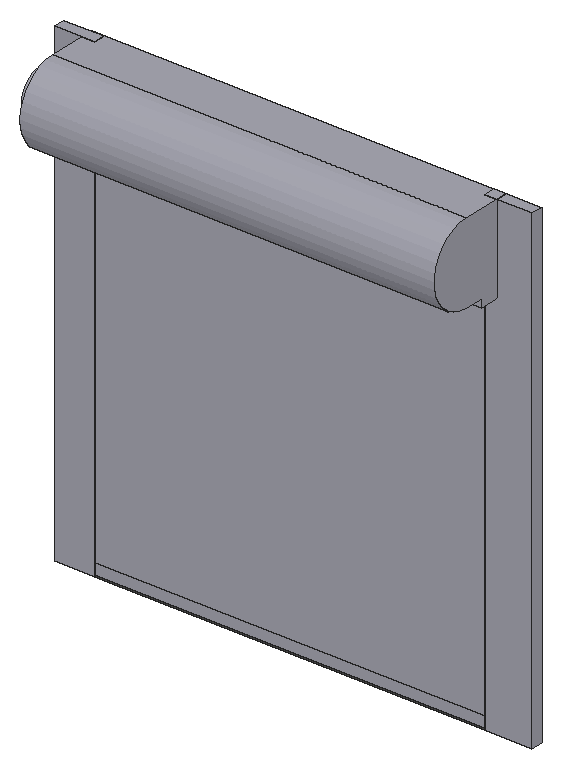
Revit family
Parameters (values of type "Model 800C Crank Operation")
  setframe = 0' - 0"  # constant formula
  XY [instance] = 1' - 10"
  Warranty Duration (Years) = 0
  URL = "http://www.wayne-dalton.com/commercial/Pages/default.aspx"
  Standards Conformance = "as Specified"
  Specification = "http://www.arcat.com/sdspecs/htm04/08_33_00way.htm"
  Send Message = "http://www.arcat.com/users.pl?action=UserEmail&company=Wayne-Dalton+Corp.&coid=36462&rep=108&fax=&mf="
  Sales Information = "http://commercial.wayne-dalton.com/contact.asp"
  STC Rating [instance] = 0
  Rough Width = 0' - 0"  # constant formula
  Rough Height = 0' - 0"  # constant formula
  Recycled Content [instance] = "as Specified"
  R-Value = 7.7
  R [instance] = 0' - 9"
  Product Properties = ""
  Product Data = "http://arcat.com/arcatcos/cos36/arc36462.html"
  Opening Width [instance] = Clear Opening Width + (GD + L) + (GD + R)  # 9' - 9 1/2"
  Opening Height [instance] = Clear Opening Height + XY  # 9' - 10"
  Offset from Wall CL Notes [instance] = "Use Positive or Negative values to locate door in wall."  # constant formula
  Offset from Wall CL [instance] = 0' - 0"
  Mount to Masonry [instance] = yes
  Model = "Model 800C"
  Maximum Size = "42 x 30 ft. Contact Wayne Dalton for larger sizes."
  Manufacturer Website = "http://www.wayne-dalton.com/commercial/Pages/default.aspx"
  Manufacturer Phone - Toll Free = "800-827-3667"
  Manufacturer Phone = ""
  Manufacturer Fax = ""
  Manufacturer Address = "2501 S. State Highway 121 Suite 200   Lewisville, TX 75067"
  Manufacturer = "Wayne Dalton Corp."
  Maintenance Schedule (Months) = 0
  Lift Travel Speed = "Determined by Door Operation"
  L [instance] = 0' - 7"
  Keynote = "08 33 00"
  Jamb Width_Sides = 0' - 3"
  Installation-Fabrication = ""
  Installation Phase = ""
  Include Chain Hoist = no
  Height = 0' - 0"  # constant formula
  H [instance] = 0' - 2"
  Green Building-LEED = ""
  GD [instance] = if(Clear Opening Width > 28' 0", 0' 3 1/4", 0' 2 3/4")  # 0' - 2 3/4"
  Function = (empty or 0)
  Frame Material [instance] = Metal - Steel
  Frame Finish [instance] = Metal - Wayne Dalton - Gray
  Fire Rating = "As Specified"
  Expected Lifespan (Years) = 0
  Drawn By = "Sumex Design, Inc. / Robert S. Weygant, CSI, CDT, SCIP"
  Description = "Wayne Dalton Overhead Cranking Coiling Insulated Service Door - Model 800C as Specified"
  Wall Closure = (empty or 0)
  Width = 0' - 0"  # constant formula
  Curtain Finish [instance] = Metal - Wayne Dalton - Gray 3in Slats
  Copyright = "©Arcat Inc."
  Construction Details = ""
  Clear Opening Width [instance] = 8' - 0"
  Clear Opening Height [instance] = 8' - 0"
  Bottom Seal Color [instance] = Plastic - Black
  Bottom Bar Height [instance] = 0' - 3"
  Available Options [instance] = "as Specified"
  Available LEED Credit [instance] = "as Specified"
  Assembly Code = "B2030400"
  Approx Frame Depth [instance] = H + 0' 0 7/8"  # 0' - 2 7/8"
  AAMA Designation [instance] = "as Specified"
Types (8): name | R-Value | Model | Maximum Size | Include Chain Hoist | Description
  Model 800C Crank Operation | 7.7 | "Model 800C" | "42 x 30 ft. Contact Wayne Dalton for larger sizes." | no | "Wayne Dalton Overhead Cranking Coiling Insulated Service Door - Model 800C as Specified"
  Model 800C Chain Hoist Operation | 7.7 | "Model 800C" | "42 x 30 ft. Contact Wayne Dalton for larger sizes." | yes | "Wayne Dalton Overhead Chain Hoisted Coiling Insulated Service Door - Model 800C as Specified"
  Model 800C Motor Operation | 7.7 | "Model 800C" | "42 x 30 ft. Contact Wayne Dalton for larger sizes." | no | "Wayne Dalton Overhead Motorized Coiling Insulated Service Door - Model 800C as Specified"
  Model 800C Manual Operation | 7.7 | "Model 800C" | "42 x 30 ft. Contact Wayne Dalton for larger sizes." | no | "Wayne Dalton Overhead Manual Coiling Insulated Service Door - Model 800C as Specified"
  Model 800 Crank Operation | 0 | "Model 800" | "40 x 40 ft. Contact Wayne Dalton for larger sizes." | no | "Wayne Dalton Overhead Cranking Coiling Service Door - Model 800 as Specified"
  Model 800 Chain Hoist Operation | 0 | "Model 800" | "40 x 40 ft. Contact Wayne Dalton for larger sizes." | yes | "Wayne Dalton Overhead Chain Hoisted Coiling Service Door - Model 800 as Specified"
  Model 800 Motor Operation | 0 | "Model 800" | "40 x 40 ft. Contact Wayne Dalton for larger sizes." | no | "Wayne Dalton Overhead Motorized Coiling Service Door - Model 800 as Specified"
  Model 800 Manual Operation | 0 | "Model 800" | "40 x 40 ft. Contact Wayne Dalton for larger sizes." | no | "Wayne Dalton Overhead Manual Coiling Service Door - Model 800 as Specified"
Reference planes (in)
  plane 1 "Center (Front/Back)": y = 1.6426
  plane 2: z = 118
  plane 3 "Center (Left/Right)": x = -0.5
  plane 4 "Left": x = -59.25
  plane 5 "Right": x = 58.25
  plane 6 "Bottom": z = 0
  plane 7 "Wall Int": y = -4.3574
  plane 8 "Wall Ext": y = 7.6426
Forms (in)
  Extrusion 1, void
    sketch origin (0, 1.6426, 0) x (1, 0, 0) y (0, 0, 1)
      loop
        line (-59.25, 118) -> (-59.25, 0) -> (58.25, 0) -> (58.25, 118) -> (-59.25, 118)
    from -6 to 6
  Extrusion 2, void
    sketch origin (0, 1.6426, 0) x (1, 0, 0) y (0, 0, 1)
      loop
        line (3, 0) -> (3, 3) -> (-4, 3) -> (-4, 0) -> (3, 0)
    from 0 <- "Offset from Wall CL" to 12.03125
Text (in)
  text "EXTERIOR" at (-58.6888, 13.80127, 0), in view "Plan"
  text "INTERIOR" at (-58.6888, -8.43329, 0), in view "Plan"
  text "Exterior" at (0, 43.65631, 123.19604), in view "Left"
  text "Exterior" at (0, 18.29385, 125.04747), in view "Right"
Dimensions and locks (in)
  equal spacing: plane 4 "Left", plane 3 "Center (Left/Right)", plane 5 "Right"
  "Opening Width": plane 4 "Left" to plane 5 "Right"
  "Opening Height": plane 2 to level
  aligned and locked: host wall to plane 1 "Center (Front/Back)"
  aligned and locked: plane 7 "Wall Int" to host wall
  aligned and locked: host wall to plane 8 "Wall Ext"
  aligned and locked: Extrusion 1 sketch curve to plane 2
  aligned and locked: Extrusion 1 sketch curve to plane 4 "Left"
  aligned and locked: Extrusion 1 sketch curve to plane 6 "Bottom"
  aligned and locked: plane 5 "Right" to Extrusion 1 sketch curve
  aligned and locked: plane 8 "Wall Ext" to Extrusion 1
  aligned and locked: Extrusion 1 to plane 7 "Wall Int"
  aligned and locked: nested 1 to plane 4 "Left"
  aligned and locked: nested 1 to Extrusion 2
Automatic sketch dimensions
  plane 3 "Center (Left/Right)" to Extrusion 2 sketch curve = 0' - 3 1/2"
  Extrusion 2 sketch curve to level = 0' - 0"
  Extrusion 2 sketch curve to plane 3 "Center (Left/Right)" = 0' - 3 1/2"
  level to Extrusion 2 sketch curve = 0' - 3"
Nested families (in)
  nested 1: "800BtwnJamb" at (-1.5, 1.6426, 0), Mount to Masonry <- "Mount to Masonry", Include Chain Hoist <- "Include Chain Hoist", Frame Finish <- "Frame Finish", Curtain Finish <- "Curtain Finish", Bottom Seal Finish <- "Bottom Seal Color", clear opening width <- "Clear Opening Width", clear opening height <- "Clear Opening Height", Y <- "XY", X <- "XY", H <- "H", GD <- "GD", Bottom Bar Height <- "Bottom Bar Height", R <- "R", L <- "L", Offset from Wall <- "setframe", type "800BtwnJamb"
    with clear opening width 8' - 0", clear opening height 8' - 0", Y 1' - 10", Xalt 1' - 8", X 1' - 10", R 0' - 9", Offset from Wall 0' - 0", Mount to Masonry yes, L 0' - 7", Include Chain Hoist no, H 0' - 2", GD 0' - 2 3/4", Frame Finish Metal - Wayne Dalton - Gray, Curtain Finish Metal - Wayne Dalton - Gray 3in Slats, Bottom Seal Finish Plastic - Black, Bottom Bar Height 0' - 3"
Definition of nested family "800BtwnJamb"
  Parameters (values of type "800BtwnJamb")
    clear opening width [instance] = 6' - 0"
    clear opening height [instance] = 6' - 9.17662"
    Y [instance] = 1' - 10"
    Xalt [instance] = X - 0' 2"  # 1' - 8"
    X [instance] = 1' - 10"
    R [instance] = 0' - 9"
    Offset from Wall [instance] = 0' - 1"
    Mount to Masonry [instance] = yes
    L [instance] = 0' - 7"
    Include Chain Hoist [instance] = yes
    H [instance] = 0' - 3"
    GD [instance] = 0' - 2 3/4"
    Frame Finish [instance] = none
    Curtain Finish [instance] = none
    Bottom Seal Finish [instance] = none
    Bottom Bar Height [instance] = 0' - 4.08698"
  Reference planes (in)
    plane 1 "Center (Front/Back)": y = 0
    plane 2: z = 0
    plane 3 "Center (Left/Right)": x = 0
    plane 4: x = -36
    plane 5: x = 36
    plane 6: x = -38.75
    plane 7: x = 38.75
    plane 8: x = -45.75
    plane 9: x = 47.75
    plane 10: y = -4
    plane 11: y = -4.875
    plane 12: y = -1
    plane 13: z = 81.17662
    plane 14: z = 83.17662
    plane 15: z = 103.17662
    plane 16: y = -23
    plane 17: x = -39
    plane 18: x = 39
    plane 19: z = 93.17662
    plane 20: z = 4.08698
  Forms (in)
    Extrusion 1, solid, material <- "Frame Finish"
      sketch origin (0, 0, 0) x (1, 0, 0) y (0, 1, 0)
        loop
          line (-36, -1) -> (-45.75, -1) -> (-45.75, -4.875) -> (-36, -4.875) -> (-36, -1)
        loop
          line (36, -1) -> (36, -4.875) -> (47.75, -4.875) -> (47.75, -1) -> (36, -1)
      from 0 to 103.17662
    Extrusion 2, solid, material <- "Frame Finish"
      sketch origin (0, -7.63151, 0) x (0, -1, 0) y (0, 0, -1)
        loop
          line (-6.63151, -81.17662) -> (-6.63151, -103.17662) -> (5.36849, -103.17662)
          arc (5.36849, -103.17662) -> (15.36849, -93.17662) -> (5.36849, -83.17662) r 10
          line (5.36849, -83.17662) -> (0.86849, -83.17662) -> (0.86849, -81.17662) -> (-6.63151, -81.17662)
      from -39 to 39
    Extrusion 3, solid, material <- "Curtain Finish"
      sketch origin (-49.98362, -4.875, 48) x (-1, 0, 0) y (0, 0, 1)
        loop
          line (-13.98362, 33.17662) -> (-85.98362, 33.17662) -> (-85.98362, -48) -> (-13.98362, -48) -> (-13.98362, 33.17662)
      from 0.125 to 1
    Extrusion 4, solid, material <- "Frame Finish"
      sketch origin (-39, -180, 12) x (0, 0, -1) y (0, -1, 0)
        loop
          circle (-81.17662, -167.8155) r 5.8095
      from 0 to 3.63367
    Extrusion 5, solid, material <- "Frame Finish", visible <- "Include Chain Hoist"
      sketch origin (39, -180, 7.25) x (0, 0, -1) y (0, -1, 0)
        loop
          circle (-85.92662, -168) r 7.25
      from -2.00792 to -1.11996
    Extrusion 6, solid, material <- "Frame Finish", visible <- "Include Chain Hoist"
      sketch origin (39, -180, 7.25) x (0, 0, -1) y (0, -1, 0)
        loop
          circle (-77.17662, -166) r 7.25
      from -4.25743 to -3.07348
    Extrusion 7, solid, material <- "Frame Finish", visible <- "Include Chain Hoist"
      sketch origin (39, -180, 7.25) x (0, 0, -1) y (0, -1, 0)
        loop
          circle (-85.92662, -168) r 1
      from 0 to -3.99104
    Extrusion 8, solid, material <- "Frame Finish", visible <- "Include Chain Hoist"
      sketch origin (39, -180, 7.25) x (0, 0, -1) y (0, -1, 0)
        loop
          circle (-77.17662, -166) r 1
      from 0 to -5.5
    Extrusion 9, solid, material <- "Frame Finish", visible <- "Include Chain Hoist"
      sketch origin (39, -180, 7.25) x (0, 0, -1) y (0, -1, 0)
        loop
          circle (-77.17662, -166) r 2
      from -2.25344 to -0.91059
    Extrusion 10, solid, material <- "Frame Finish", visible <- "Include Chain Hoist"
      sketch origin (42.07348, -180, 7.25) x (0, 0, -1) y (0, -1, 0)
        loop
          line (-77.17662, -172.5) -> (-8.17662, -172.5)
          arc (-8.17662, -172.5) -> (-1.67662, -166) -> (-8.17662, -159.5) r 6.5
          line (-8.17662, -159.5) -> (-77.17662, -159.5)
          arc (-77.17662, -159.5) -> (-83.67662, -166) -> (-77.17662, -172.5) r 6.5
        loop
          arc (-77.17662, -160.75) -> (-82.42662, -166) -> (-77.17662, -171.25) r 5.25
          line (-77.17662, -171.25) -> (-8.17662, -171.25)
          arc (-8.17662, -171.25) -> (-2.92662, -166) -> (-8.17662, -160.75) r 5.25
          line (-8.17662, -160.75) -> (-77.17662, -160.75)
      from -0.24322 to -0.91756
    Extrusion 11, solid, material <- "Frame Finish"
      sketch origin (0, 0, 0) x (0, 1, 0) y (0, 0, 1)
        loop
          line (-3.82789, 0) -> (-3.82789, 0.5) -> (-3.73182, 0.5) -> (-3.73182, 4.08698) -> (-4.875, 4.08698) -> (-4.875, 0.5) -> (-4.78423, 0.5) -> (-4.78423, 0) -> (-3.82789, 0)
      from -36 to 36
  Dimensions and locks (in)
    equal spacing: plane 4, plane 3 "Center (Left/Right)", plane 5
    "clear opening width": plane 4 to plane 5
    "L": plane 8 to plane 6
    "R": plane 7 to plane 9
    locked: plane 10 to plane 11 at 0.875
    "Offset from Wall": plane 12 to plane 1 "Center (Front/Back)"
    "H": plane 12 to plane 10
    locked: plane 14 to plane 13 at 2
    "X": plane 15 to plane 13
    "Xalt": Extrusion 2 sketch curve to Extrusion 2 sketch curve
    "Y": plane 16 to plane 12
    locked: plane 16 to Extrusion 2 sketch curve at 0
    locked: Extrusion 2 sketch curve to plane 12 at 7.5
    locked: plane 6 to plane 17 at 0.25
    locked: plane 18 to plane 7 at 0.25
    equal spacing: plane 15, Extrusion 4 sketch curve, plane 14
    locked: plane 16 to Extrusion 4 sketch curve at 10.8155
    equal spacing: plane 15, Extrusion 5 sketch curve, plane 14
    locked: plane 16 to Extrusion 5 sketch curve at 11
    equal spacing: plane 15, plane 19, plane 14
    locked: plane 19 to Extrusion 6 sketch curve at 8.75
    locked: plane 16 to Extrusion 6 sketch curve at 9
    equal spacing: plane 15, Extrusion 7 sketch curve, plane 14
    locked: plane 16 to Extrusion 7 sketch curve at 11
    locked: plane 19 to Extrusion 8 sketch curve at 8.75
    locked: plane 16 to Extrusion 8 sketch curve at 9
    locked: plane 16 to Extrusion 9 sketch curve at 9
    locked: plane 19 to Extrusion 9 sketch curve at 8.75
    locked: Extrusion 10 sketch curve to level at 15.42662
    locked: plane 19 to Extrusion 10 sketch curve at 8.75
    plane 16 to Extrusion 10 sketch curve to Extrusion 10 sketch curve = 0' - 2 1/2" locked, 1' - 1" locked
    locked: Extrusion 10 sketch curve to Extrusion 10 sketch curve at 1.25  (x2)
    "Bottom Bar Height": plane 20 to level
    locked: Extrusion 11 sketch curve to level at 0.5
    plane 11 to Extrusion 11 sketch curve to Extrusion 11 sketch curve to Extrusion 11 sketch curve to Extrusion 11 sketch curve = 0' - 0" locked, 0' - 0.09077" locked, 0' - 0.95633" locked, 0' - 0.09608" locked
    "GD": plane 6 to plane 4
    "GD": plane 5 to plane 7
    "clear opening height": plane 13 to level
    aligned and locked: plane 2 to level
    aligned and locked: plane 12 to Extrusion 1 sketch curve
    aligned and locked: Extrusion 1 sketch curve to plane 11  (x2)
    aligned and locked: Extrusion 1 sketch curve to plane 12
    aligned and locked: Extrusion 2 sketch curve to plane 15
    aligned and locked: Extrusion 2 sketch curve to plane 12
    aligned and locked: Extrusion 2 to plane 17
    aligned and locked: Extrusion 2 to plane 18
    aligned: plane 13 to Extrusion 1
    aligned and locked: Extrusion 3 sketch curve to plane 13
    aligned and locked: Extrusion 11 sketch curve to Extrusion 11 sketch curve
    aligned and locked: plane 20 to Extrusion 11 sketch curve
    aligned and locked: plane 14 to Extrusion 2 sketch curve
    aligned and locked: plane 5 to Extrusion 3
    aligned and locked: plane 5 to Extrusion 11
    aligned and locked: Extrusion 1 to plane 5
    aligned and locked: Extrusion 3 to plane 4
    aligned and locked: Extrusion 11 to plane 4
    aligned and locked: plane 4 to Extrusion 1
    aligned and locked: Extrusion 1 sketch curve to plane 9
    aligned and locked: Extrusion 1 sketch curve to plane 8
    aligned and locked: plane 15 to Extrusion 1
  Automatic sketch dimensions
    Extrusion 2 sketch curve to plane 13 = 0' - 0"
    Extrusion 3 sketch curve to level = 0' - 0"
    Extrusion 10 sketch curve to Extrusion 10 sketch curve = 0' - 0"  (x2)
    Extrusion 11 sketch curve to level = 0' - 0"
    plane 5 to Extrusion 3 sketch curve = 0' - 0"
    Extrusion 3 sketch curve to plane 4 = 0' - 0"
    Extrusion 1 sketch curve to plane 4 = 0' - 0"
    Extrusion 1 sketch curve to plane 5 = 0' - 0"
    radius of Extrusion 4 sketch curve = 0' - 5.8095"
    radius of Extrusion 5 sketch curve = 0' - 7 1/4"
    radius of Extrusion 6 sketch curve = 0' - 7 1/4"
    radius of Extrusion 7 sketch curve = 0' - 1"
    radius of Extrusion 8 sketch curve = 0' - 1"
    radius of Extrusion 9 sketch curve = 0' - 2"
